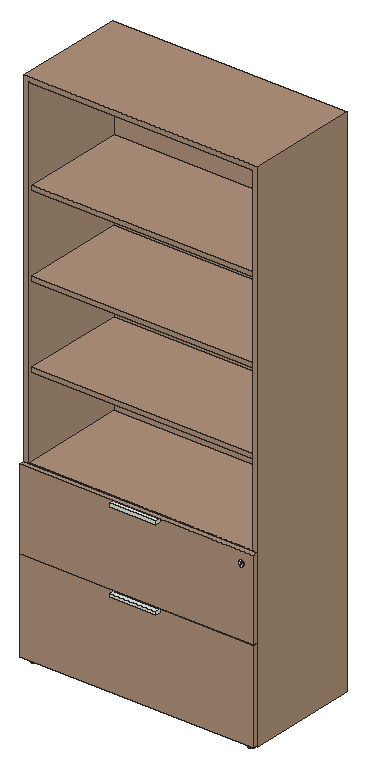
Revit family "Storage-Freestanding-Teknion-BSUOS_Storage_Unit_Open_Shelves-R2019", category Furniture, Revit 2019
Family settings
  OmniClass Number = 23.40.20.00
  OmniClass Title = General Furniture and Specialties
  Work Plane-Based = No
  Always vertical = Yes
  Cut with Voids When Loaded = No
  Shared = Yes
  Room Calculation Point = No
Parameters (values of type "18" Depth, Pull Storage Style")
  Width [instance] = 36.000"
  Warranty = "http://www.teknion.com/ca/papers/legal-canada"
  Unit Weight URL = "http://www.teknion.com/ca/tools/assets#&asset=bee6a381-b954-425e-8283-5a2de3a804f2,f828d448-4b62-4231-9e5f-9a8991c0ed77"
  URL = "www.teknion.com"
  To render please download texture images found here [instance] = "https://assets.teknion.com/web/5e81352c1dfdb467/revit-material-swatches/"
  Sustainability Data = "https://www.teknion.com/ca/tools/assets#&topic=216f99a5-57a0-44fc-b10a-9dee9b29ae4c&asset=444deb64-fe58-4b68-981e-f75e97781df7,b4ff2d81-9f2e-437d-9659-7cffb09c31cf"
  Shelf Depth Offset [instance] = if(Depth = 24.000", 4.461", 0.477")  # 0.477"
  Series = "Expansion Casegoods"  # constant formula
  Pull Finish [instance] = Paint-Teknion-20-T-Foundation-Atrium White
  Product Page URL = "https://www.teknion.com/ca/products/product-details?productLineId=0053336e-8e7a-673b-a6c8-ff00004460c4"
  Product Line = "Expansion Casegoods"  # constant formula
  Product Documentation Link = "https://www.teknion.com/pricing/expansion-casegoods/pdfs/BSUOS_ppg.pdf"
  Part Number = "BSUOS"  # constant formula
  Model = "BSUOSP18____"
  Manufacturer Phone = "416-661-3370"  # constant formula
  Manufacturer Fax = "416.661.4586"  # constant formula
  Manufacturer Contact Information = "http://www.teknion.com/ca/contactus"
  Manufacturer Address = "1150 Flint Road, Toronto, ON. M3J 2J5. Canada"  # constant formula
  Manufacturer = "Teknion"  # constant formula
  How To Use Teknion Materials User Guide [instance] = "https://assets.teknion.com/m/205dd0a49fa58060/original/How-to-add-a-Material-Library-and-Texture-Images-to-your-Revit-project.pdf"
  Height [instance] = 81.000"
  For Additional Finishes please visit [instance] = "https://assets.teknion.com/m/44a8009b046e5d47/original/Teknion_Materials_Library.zip"
  Drawer Front Finish [instance] = Source Laminate - Teknion - 3M - Provincial Oak
  Description = "Storage Unit - Open Shelves, Pulls, 18\" Depth"
  Depth = 18.000"
  Case Finish [instance] = Source Laminate - Teknion - 3M - Provincial Oak
  Available Widths [instance] = "24\", 30\", or 36\""  # constant formula
  Available Heights [instance] = "66\", 72\", or 81\""  # constant formula
  Assembly Code = "E2020200"
  Actual Height [instance] = if(Height = 81.000", 80.728", if(Height = 72.000", 71.594", 65.354"))  # 80.728"
  3rd shelf [instance] = Height = 81.000"  # yes
Types (4): name | Shelf Depth Offset | Model | Description | Depth
  (no name) | 0.477" | "BSUOSP18____" | "Storage Unit - Open Shelves, Pulls, 18\" Depth" | 18.000"
  24" Depth, Pull Storage Style | 4.461" | "BSUOSP24____" | "Storage Unit - Open Shelves, Pulls, 24\" Depth" | 24.000"
  20" Depth, Pull Storage Style | 0.477" | "BSUOSP20____" | "Storage Unit - Open Shelves, Pulls, 20\" Depth" | 20.000"
  18" Depth, Pull Storage Style | 0.477" | "BSUOSP18____" | "Storage Unit - Open Shelves, Pulls, 18\" Depth" | 18.000"
Reference planes (in)
  plane 1 "Center Front/Back": y = 1
  plane 2: z = 0
  plane 3 "Center Left/Right": x = 0
  plane 4 "Left": x = -18
  plane 5 "Right": x = 18
  plane 6 "Back": y = 10
  plane 7 "Front": y = -8
  plane 8 "Top": z = 80.728
Forms (in)
  Sweep 1, solid, material "Source Laminate - Teknion - 3M - Provincial Oak" <- "Case Finish"
    path origin (0, 0, 0) x (1, 0, 0) y (0, 1, 0)
      loop
        line (-17.29921, 1) -> (17.29921, 1)
    profile origin (0, 1, 0) x (0, 1, 0) y (0, 0, 1)
      loop
        line (9, 0.60236) -> (9, 80.728) -> (-8.16142, 80.728) -> (-8.16142, 80.02756) -> (8.29921, 80.02756) -> (8.29921, 52.98819) -> (-7.68442, 52.98819) -> (-7.68442, 52.2874) -> (8.29921, 52.2874) -> (8.29921, 40.38976) -> (-7.68442, 40.38976) -> (-7.68442, 39.68898) -> (8.29921, 39.68898) -> (8.29921, 27.44094) -> (-8.16142, 27.44094) -> (-8.16142, 0.60236) -> (9, 0.60236)
  Sweep 2, solid, material "Source Laminate - Teknion - 3M - Provincial Oak" <- "Case Finish"
    path origin (0, 0, 0) x (1, 0, 0) y (0, 1, 0)
      loop
        line (0, -7.16142) -> (0, 10)
    profile origin (0, 1.41929, 0) x (-1, 0, 0) y (0, 0, 1)
      loop
        line (18, 0.60236) -> (18, 80.728) -> (17.29921, 80.728) -> (17.29921, 0.60236) -> (18, 0.60236)
      loop
        line (-17.29921, 80.728) -> (-18, 80.728) -> (-18, 0.60236) -> (-17.29921, 0.60236) -> (-17.29921, 80.728)
  Sweep 3, solid, material "Source Laminate - Teknion - 3M - Provincial Oak" <- "Case Finish", visible <- "3rd shelf"
    path origin (0, 0, 0) x (1, 0, 0) y (0, 1, 0)
      loop
        line (-17.29921, 1) -> (17.29921, 1)
    profile origin (0, 1, 0) x (0, 1, 0) y (0, 0, 1)
      loop
        line (-7.68442, 65.58662) -> (-7.68442, 64.88583) -> (8.29921, 64.88583) -> (8.29921, 65.58662) -> (-7.68442, 65.58662)
  Sweep 4, solid, material "Source Laminate - Teknion - 3M - Provincial Oak" <- "Drawer Front Finish"
    path origin (0, 0, 0) x (1, 0, 0) y (0, 1, 0)
      loop
        line (0, -8) -> (0, -7.29921)
    profile origin (0, -7.64961, 0) x (-1, 0, 0) y (0, 0, 1)
      loop
        line (18, 27.36221) -> (-18, 27.36221) -> (-18, 15) -> (18, 15) -> (18, 27.36221)
      loop
        line (-18, 14.88189) -> (-18, 0.72047) -> (18, 0.72047) -> (18, 14.88189) -> (-18, 14.88189)
  Sweep 5, solid, material "Paint-Teknion-20-T-Foundation-Atrium White" <- "Pull Finish"
    path origin (0, 0, 0) x (1, 0, 0) y (0, 1, 0)
      loop
        line (0, -8) -> (0, -8.75197)
    profile origin (0, -8.37598, 0) x (1, 0, 0) y (0, 0, 1)
      loop
        line (-3.5, 26.84252) -> (3.5, 26.84252) -> (3.5, 27.34252) -> (-3.5, 27.34252) -> (-3.5, 26.84252)
      loop
        line (-3.5, 14.36221) -> (3.5, 14.36221) -> (3.5, 14.8622) -> (-3.5, 14.8622) -> (-3.5, 14.36221)
  Sweep 6, solid, material "Metal - Teknion - C6 - Chrome"
    path origin (0, 0, 0) x (1, 0, 0) y (0, 1, 0)
      loop
        line (0, -8.05905) -> (0, -8)
    profile origin (0, -8.02953, 0) x (-1, 0, 0) y (0, 0, 1)
      loop
        circle (-16.14961, 25.62992) r 0.3937
      loop
        line (-16.10039, 25.81693) -> (-16.19882, 25.81693) -> (-16.19882, 25.44291) -> (-16.10039, 25.44291) -> (-16.10039, 25.81693)
  Sweep 7, solid, material "Plastic - Teknion - E - Ebony"
    path origin (0, 1, 0) x (1, 0, 0) y (0, 0, 1)
      loop
        line (0, 0) -> (0, 0.60236)
    profile origin (0, 1, 0.30118) x (-1, 0, 0) y (0, -1, 0)
      loop
        circle (16.74016, 7.74803) r 0.5
      loop
        circle (16.74016, -7.74804) r 0.5
      loop
        circle (-16.74016, 7.74803) r 0.5
      loop
        circle (-16.74016, -7.74804) r 0.5
Cuts and joins
  joined: Sweep 1, Sweep 2
Lines and regions (in)
  Masking region 1
    outline origin (0, 0, 0) x (1, 0, 0) y (0, 1, 0)
      loop
        line (-18, 10) -> (-18, -7.16142) -> (18, -7.16142) -> (18, 10) -> (-18, 10)
  Masking region 2
    outline origin (0, 0, 0) x (1, 0, 0) y (0, 1, 0)
      loop
        line (-18, -8) -> (18, -8) -> (18, -7.29921) -> (-18, -7.29921) -> (-18, -8)
  Masking region 3
    outline origin (0, 0, 0) x (1, 0, 0) y (0, 1, 0)
      loop
        line (-3.5, -8.75197) -> (3.5, -8.75197) -> (3.5, -8) -> (-3.5, -8) -> (-3.5, -8.75197)
  symbolic lines, style "FurnitureHiddenLines", detail levels medium+fine
    curve 1: line (-17.29921, -7.16142, 0) -> (-17.29921, 9.29921, 0)
    curve 2: line (17.29921, 9.29921, 0) -> (-17.29921, 9.29921, 0)
    curve 3: line (17.29921, 9.29921, 0) -> (17.29921, -7.16142, 0)
    curve 4: line (-17.29921, -6.68442, 0) -> (17.29921, -6.68442, 0)
  symbolic lines, style "FurnitureHiddenLines", detail levels fine
    curve 5: arc (-17.24016, 8.74804, 0) -> (-16.74016, 8.24803, 0) -> (-16.24016, 8.74804, 0) r 0.5
    curve 6: arc (-16.24016, 8.74804, 0) -> (-16.74016, 9.24804, 0) -> (-17.24016, 8.74804, 0) r 0.5
    curve 7: arc (-16.24016, -6.74803, 0) -> (-16.74016, -6.24803, 0) -> (-17.24016, -6.74803, 0) r 0.5
    curve 8: arc (-17.24016, -6.74803, 0) -> (-16.74016, -7.24803, 0) -> (-16.24016, -6.74803, 0) r 0.5
    curve 9: arc (17.24016, -6.74803, 0) -> (16.74016, -6.24803, 0) -> (16.24016, -6.74803, 0) r 0.5
    curve 10: arc (16.24016, -6.74803, 0) -> (16.74016, -7.24803, 0) -> (17.24016, -6.74803, 0) r 0.5
    curve 11: arc (17.24016, 8.74804, 0) -> (16.74016, 9.24804, 0) -> (16.24016, 8.74804, 0) r 0.5
    curve 12: arc (16.24016, 8.74804, 0) -> (16.74016, 8.24803, 0) -> (17.24016, 8.74804, 0) r 0.5
  reference lines
    curve 13: line (-18, 12, 0) -> (-18, -10, 0)
    curve 14: line (18, 12, 0) -> (18, -10, 0)
Dimensions and locks (in)
  "Width": plane 4 "Left" to plane 5 "Right"
  "Depth": plane 6 "Back" to plane 7 "Front"
  "Actual Height": plane 8 "Top" to level
  equal spacing: plane 4 "Left", plane 3 "Center Left/Right", plane 5 "Right"
  equal spacing: plane 6 "Back", plane 1 "Center Front/Back", plane 7 "Front"
  locked: plane 4 "Left" to Sweep 1 sketch curve at 0.70079
  locked: Sweep 1 sketch curve to plane 5 "Right" at 0.70079
  Sweep 1 sketch curve to Sweep 1 sketch curve to Sweep 1 sketch curve to Sweep 1 sketch curve to Sweep 1 sketch curve to Sweep 1 sketch curve to level = 0.70078" locked, 11.89764" locked, 0.70079" locked, 12.24803" locked, 26.83858" locked, 0.60236" locked
  plane 8 "Top" to Sweep 1 sketch curve to Sweep 1 sketch curve = 0.000" locked, 0.70044" locked
  plane 6 "Back" to Sweep 1 sketch curve to Sweep 1 sketch curve to Sweep 1 sketch curve to Sweep 1 sketch curve = 0.000" locked, 0.70079" locked, 0.000" locked, 0.000" locked
  locked: Sweep 1 sketch curve to Sweep 1 sketch curve
  Sweep 1 sketch curve to Sweep 1 sketch curve to plane 7 "Front" = 0.000" locked, 0.83858" locked
  "Shelf Depth Offset": Sweep 1 sketch curve to Sweep 1 sketch curve
  locked: plane 7 "Front" to Sweep 2 sketch curve at 0.83858
  Sweep 2 sketch curve to Sweep 2 sketch curve to level = 0.000" locked, 0.60236" locked
  plane 8 "Top" to Sweep 2 sketch curve to Sweep 2 sketch curve = 0.000" locked, 0.000" locked
  locked: Sweep 2 sketch curve to plane 4 "Left" at 0.70079
  locked: Sweep 2 sketch curve to plane 5 "Right" at 0.70079
  locked: plane 4 "Left" to Sweep 3 sketch curve at 0.70079
  locked: Sweep 3 sketch curve to plane 5 "Right" at 0.70079
  Sweep 3 sketch curve to Sweep 3 sketch curve to level = 0.70079" locked, 64.88583" locked
  locked: plane 6 "Back" to Sweep 3 sketch curve at 0.70079
  "Shelf Depth Offset": Sweep 3 sketch curve to cut or joined group of Sweep 1, Sweep 2
  plane 7 "Front" to Sweep 4 sketch curve to Sweep 4 sketch curve = 0.000" locked, 0.70079" locked
  Sweep 4 sketch curve to Sweep 4 sketch curve to Sweep 4 sketch curve to Sweep 4 sketch curve to level = 12.36221" locked, 0.11811" locked, 14.16142" locked, 0.72047" locked
  Sweep 5 sketch curve to plane 7 "Front" to Sweep 5 sketch curve = 0.75197" locked, 0.000" locked
  Sweep 5 sketch curve to Sweep 5 sketch curve to Sweep 5 sketch curve to Sweep 5 sketch curve to level = 0.500" locked, 11.98032" locked, 0.500" locked, 14.36221" locked
  Sweep 5 sketch curve to Sweep 5 sketch curve to plane 3 "Center Left/Right" to Sweep 5 sketch curve to Sweep 5 sketch curve = 0.000" locked, 3.500" locked, 3.500" locked, 0.000" locked
  Sweep 6 sketch curve to plane 7 "Front" to Sweep 6 sketch curve = 0.05905" locked, 0.000" locked
  Sweep 6 sketch curve to Sweep 6 sketch curve to Sweep 6 sketch curve to plane 5 "Right" = 0.04921" locked, 0.04921" locked, 1.80118" locked
  Sweep 6 sketch curve to Sweep 6 sketch curve to Sweep 6 sketch curve to level = 0.18701" locked, 0.18701" locked, 25.44291" locked
  Sweep 7 sketch curve to level to Sweep 7 sketch curve = 0.60236" locked, 0.000" locked
  plane 4 "Left" to Sweep 7 sketch curve to Sweep 7 sketch curve = 1.25984" locked, 0.000" locked
  Sweep 7 sketch curve to Sweep 7 sketch curve to plane 5 "Right" = 0.000" locked, 1.25984" locked
  plane 6 "Back" to Sweep 7 sketch curve to Sweep 7 sketch curve = 1.25196" locked, 0.000" locked
  plane 7 "Front" to Sweep 7 sketch curve to Sweep 7 sketch curve = 1.25197" locked, 0.000" locked
  locked: plane 7 "Front" to Masking region 1 sketch curve at 0.83858
  locked: plane 7 "Front" to Masking region 2 sketch curve at 0.70079
  Masking region 3 sketch curve to plane 3 "Center Left/Right" to Masking region 3 sketch curve = 3.500" locked, 3.500" locked
  locked: Masking region 3 sketch curve to plane 7 "Front" at 0.75197
  aligned and locked: level to plane 2
  aligned and locked: plane 1 "Center Front/Back" to Sweep 1 sketch curve
  aligned and locked: plane 3 "Center Left/Right" to Sweep 2 sketch curve
  aligned and locked: plane 6 "Back" to Sweep 2 sketch curve
  aligned and locked: Sweep 2 sketch curve to plane 4 "Left"
  aligned and locked: plane 5 "Right" to Sweep 2 sketch curve
  aligned and locked: plane 1 "Center Front/Back" to Sweep 3 sketch curve
  aligned and locked: plane 3 "Center Left/Right" to Sweep 4 sketch curve
  aligned and locked: plane 4 "Left" to Sweep 4 sketch curve
  aligned and locked: Sweep 4 sketch curve to plane 4 "Left"
  aligned and locked: plane 5 "Right" to Sweep 4 sketch curve
  aligned and locked: Sweep 4 sketch curve to plane 5 "Right"
  aligned and locked: Sweep 5 sketch curve to plane 3 "Center Left/Right"
  aligned and locked: plane 3 "Center Left/Right" to Sweep 6 sketch curve
  aligned and locked: plane 3 "Center Left/Right" to Sweep 7 sketch curve
  aligned and locked: plane 5 "Right" to Masking region 1 sketch curve
  aligned and locked: Masking region 1 sketch curve to plane 6 "Back"
  aligned and locked: plane 4 "Left" to Masking region 1 sketch curve
  aligned and locked: curve 1 to cut or joined group of Sweep 1, Sweep 2
  aligned and locked: curve 2 to Sweep 3
  aligned and locked: curve 3 to cut or joined group of Sweep 1, Sweep 2
  aligned and locked: curve 4 to Sweep 3
  aligned and locked: Masking region 2 sketch curve to plane 5 "Right"
  aligned and locked: Masking region 2 sketch curve to plane 7 "Front"
  aligned and locked: Masking region 2 sketch curve to plane 4 "Left"
  aligned and locked: Masking region 3 sketch curve to plane 7 "Front"
  aligned and locked: curve 5 to Sweep 7
  aligned and locked: curve 6 to Sweep 7
  aligned and locked: curve 7 to Sweep 7
  aligned and locked: curve 8 to Sweep 7
  aligned and locked: curve 9 to Sweep 7
  aligned and locked: curve 10 to Sweep 7
  aligned and locked: curve 11 to Sweep 7
  aligned and locked: curve 12 to Sweep 7
  aligned and locked: curve 13 to plane 4 "Left"
  aligned and locked: curve 14 to plane 5 "Right"
Automatic sketch dimensions
  curve 1 to curve 8 = 0.41338"
  curve 3 to curve 10 = 0.41338"
  plane 7 "Front" to curve 13 = 2.000"
  plane 6 "Back" to curve 13 = 2.000"
  plane 7 "Front" to curve 14 = 2.000"
  plane 6 "Back" to curve 14 = 2.000"
  radius of Sweep 6 sketch curve = 0.3937"
  radius of Sweep 7 sketch curve = 0.500"  (x4)
